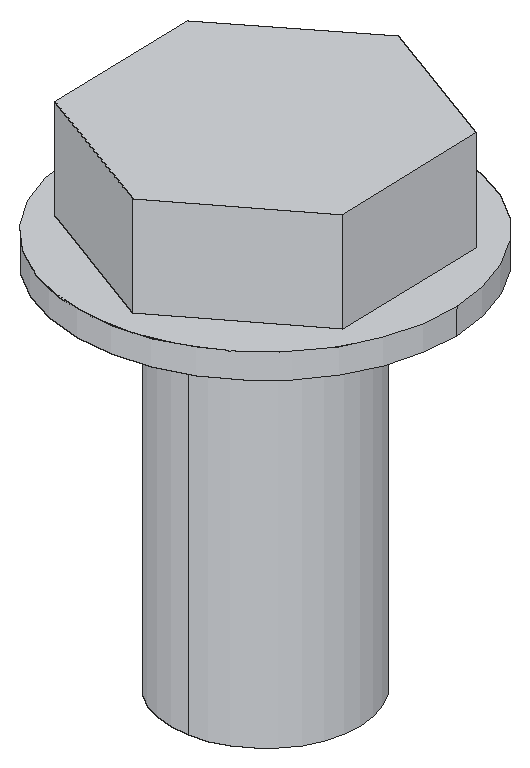
Revit family "RRHFB", category Generic Models, Revit 2018
Family settings
  Can host rebar = No
  Round Connector Dimension = Use Diameter
  Part Type = Normal
  Work Plane-Based = Yes
  Always vertical = No
  Cut with Voids When Loaded = No
  Shared = Yes
  Room Calculation Point = No
Parameters (values of type "RRHFB38163/4")
  Washer Radius = (Head Point Width / 2) + 0.050"  # 0.375"
  Ship Complete Level [instance] = ""
  Required Date [instance] = ""
  Nominal Size = 0.375"
  Length = 0.750"
  Job [instance] = ""
  Head Width = 0.563"
  Head Point Width = Head Width * 1.1545  # 0.650"
  Head Height = 0.250"
  Group/Run [instance] = ""
  Description = "Flange Bolt Hex Head Stainless 3/8-16 X 3/4 Inch long"
  Default Elevation = 48.000"
  Custom [instance] = ""
  Catalog Number = "RRHFB38163/4"
  Bolt Radius = Nominal Size / 2  # 0.1875"
  Bolt Material = none
  Assembly Name [instance] = ""
  Assembly ID [instance] = ""
Types (7): name | Washer Radius | Nominal Size | Length | Head Width | Head Point Width | Head Height | Description | Catalog Number | Bolt Radius
  RRHFB38162 | 0.375" | 0.375" | 2.000" | 0.563" | 0.650" | 0.250" | "Flange Bolt Hex Head Stainless 3/8-16 X 2 Inch long" | "RRHFB38162" | 0.1875"
  RRHFB38161 | 0.375" | 0.375" | 1.000" | 0.563" | 0.650" | 0.250" | "Flange Bolt Hex Head Stainless 3/8-16 X 1 Inch long" | "RRHFB38161" | 0.1875"
  RRHFB38163 | 0.375" | 0.375" | 3.000" | 0.563" | 0.650" | 0.250" | "Flange Bolt Hex Head Stainless 3/8-16 X 3 Inch long" | "RRHFB38163" | 0.1875"
  RRHFB14201/2 | 0.30284" | 0.250" | 0.500" | 0.438" | 0.50568" | 0.172" | "Flange Bolt Hex Head Stainless 1/4-20 X 1/2 Inch long" | "RRHFB14201/2" | 0.125"
  RRHFB14202 | 0.30284" | 0.250" | 2.000" | 0.438" | 0.50568" | 0.172" | "Flange Bolt Hex Head Stainless 1/4-20 X 2 Inch long" | "RRHFB14202" | 0.125"
  RRHFB14203 | 0.30284" | 0.250" | 3.000" | 0.438" | 0.50568" | 0.172" | "Flange Bolt Hex Head Stainless 1/4-20 X 3 Inch long" | "RRHFB14203" | 0.125"
  RRHFB38163/4 | 0.375" | 0.375" | 0.750" | 0.563" | 0.650" | 0.250" | "Flange Bolt Hex Head Stainless 3/8-16 X 3/4 Inch long" | "RRHFB38163/4" | 0.1875"
Reference planes (in)
  plane 1 "Center (Front/Back)": y = 0
  plane 2: z = 0
  plane 3 "Center (Left/Right)": x = 0
  plane 4 "head right": x = 0.2815
  plane 5 "head left": x = -0.2815
  plane 6: y = 0.325
  plane 7: y = -0.325
  plane 8 "bolt end": z = -0.75
  plane 9 "top": z = 0.25
Forms (in)
  Extrusion 1, solid, material <- "Bolt Material"
    sketch origin (0, 0, -0.75) x (0, -1, 0) y (1, 0, 0)
      loop
        circle (0, 0) r 0.1875
    from 0 to 0.75
  Extrusion 2, solid, material <- "Bolt Material"
    sketch origin (0, 0, 0) x (1, 0, 0) y (0, 1, 0)
      loop
        line (0.2815, 0.16252) -> (0, 0.32505) -> (-0.2815, 0.16252) -> (-0.2815, -0.16252) -> (0, -0.32505) -> (0.2815, -0.16252) -> (0.2815, 0.16252)
    from 0.05 to 0.25
  Extrusion 3, solid, material <- "Bolt Material"
    sketch origin (0, 0, 0) x (1, 0, 0) y (0, 1, 0)
      loop
        circle (0, 0) r 0.375
    from 0 to 0.05
Dimensions and locks (in)
  "Head Width": plane 5 "head left" to plane 4 "head right"
  equal spacing: plane 5 "head left", plane 3 "Center (Left/Right)", plane 4 "head right"
  "Head Point Width": plane 6 to plane 7
  equal spacing: plane 6, plane 1 "Center (Front/Back)", plane 7
  "Length": level to plane 8 "bolt end"
  "Head Height": plane 9 "top" to level
  "Bolt Radius": radius of Extrusion 1 sketch curve
  "Washer Radius": radius of Extrusion 3 sketch curve
  locked: Extrusion 2 sketch curve to plane 7 (angle 30.00°)
  locked: plane 7 to Extrusion 2 sketch curve (angle 30.00°)
  locked: plane 6 to Extrusion 2 sketch curve (angle 30.00°)
  locked: Extrusion 2 sketch curve to plane 6 (angle 30.00°)
  aligned and locked: plane 2 to level
  aligned and locked: level to Extrusion 1
  aligned and locked: plane 4 "head right" to Extrusion 2 sketch curve
  aligned and locked: Extrusion 2 sketch curve to plane 5 "head left"
  aligned and locked: Extrusion 2 to plane 9 "top"
Automatic sketch dimensions
  Extrusion 2 sketch curve to plane 3 "Center (Left/Right)" = 0.000"  (x2)
  Extrusion 2 sketch curve to plane 7 = 0.00005"
  Extrusion 2 sketch curve to plane 6 = 0.00005"
  plane 1 "Center (Front/Back)" to Extrusion 1 sketch curve = 0.000"
  Extrusion 1 sketch curve to plane 3 "Center (Left/Right)" = 0.000"
  plane 1 "Center (Front/Back)" to Extrusion 3 sketch curve = 0.000"
  Extrusion 3 sketch curve to plane 3 "Center (Left/Right)" = 0.000"
